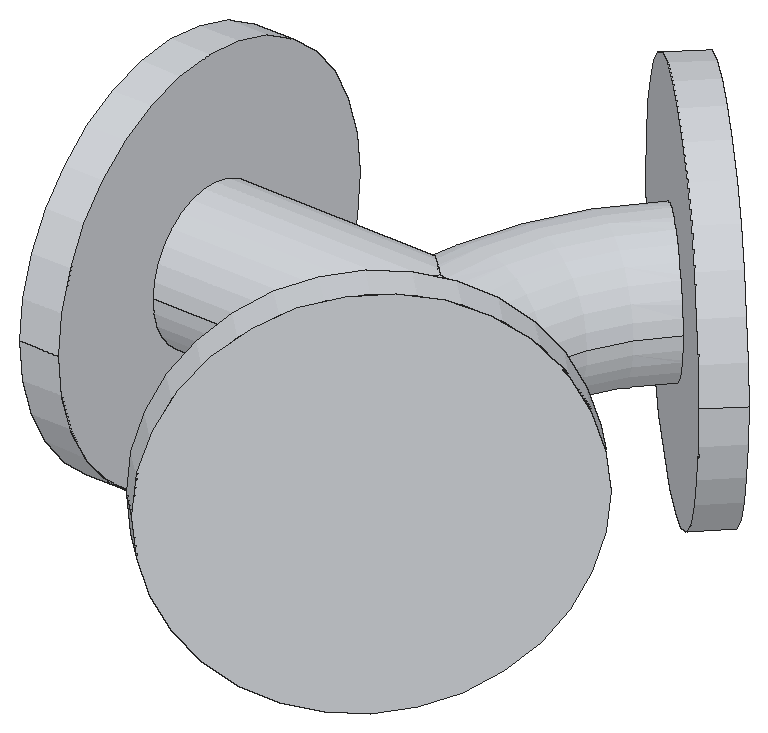
Revit family "c3946d42cb1f4d16954208bc3707fd2a", category Pipe Fittings, Revit 2021
Family settings
  Round Connector Dimension = Use Radius
  Part Type = Wye
  OmniClass Number = 23.60.30.11.14
  OmniClass Title = Pipework Fittings
  Seek Item ID = Wye True - Flanged - GI - Class 125-0000-USA-ENU
  Work Plane-Based = No
  Always vertical = Yes
  Cut with Voids When Loaded = No
  Shared = No
Parameters (values of type "Standard")
  Wall Thickness [instance] = size_lookup(Lookup Table Name, "WThk", 0.04 * Nominal Diameter + 5/16", Nominal Diameter)  # 0.31102"
  Tick Size [instance] = Flange Diameter * 0.4  # 1.70079"
  Short Center to Face [instance] = size_lookup(Lookup Table Name, "SCtF", 0.296 * Nominal Diameter + 1 215/256", Nominal Diameter)  # 1.77165"
  Radius 1 [instance] = if(Flange Diameter / 2 > Length 3 * tan(Angle 1), Flange Diameter / 2 + 31/256", Length 3 * tan(Angle 1))  # 3.06693"
  Radius 2 [instance] = if(Flange Diameter / 2 > sin(Angle 2) * Length 6 / (1 - sin(Angle 2)), Flange Diameter / 2 + 31/256", sin(Angle 2) * Length 6 / (1 - sin(Angle 2)))  # 3.06693"
  Loss Method = Not Defined
  Lookup Table Name = "Wye True - Flanged - GI - Class 125"
  Length 9 [instance] = Radius 1 * sin(Angle 3) + Flange Thickness * cos(Angle 3)  # 2.47766"
  Length 8 [instance] = Length 4 - Radius 1 * cos(Angle 3) + Flange Thickness * sin(Angle 3)  # 2.47766"
  Length 7 [instance] = Length 3 + Flange Thickness  # 3.50394"
  Length 6 [instance] = Length 4 - Radius 1  # 1.27036"
  Length 4 [instance] = Radius 1 / sin(Angle 1)  # 4.33729"
  Length 5 [instance] = Radius 2 + Length 6  # 4.33729"
  Length 3 [instance] = if(Length 1 < Length 2, Center to Face - Flange Thickness, Length 1 / sin(Angle 5))  # 3.06693"
  Length 2 [instance] = (Center to Face - Flange Thickness) * sin(Angle 5)  # 2.16865"
  Length 11 [instance] = Radius 2 * sin(Angle 4) + Flange Thickness * cos(Angle 4)  # 2.47766"
  Length 10 [instance] = Length 5 - Radius 2 * cos(Angle 4) + Flange Thickness * sin(Angle 4)  # 2.47766"
  Length 1 [instance] = Flange Radius * cos(Angle 5)  # 1.5033"
  Fitting Outside Radius [instance] = Fitting Outside Diameter / 2  # 0.80315"
  Fitting Outside Diameter [instance] = Fitting Inside Diameter + Wall Thickness * 2  # 1.6063"
  Default Elevation = 0' - 0"
  Center to Face [instance] = size_lookup(Lookup Table Name, "CtF", 0.68 * Nominal Diameter + 3 49/64", Nominal Diameter)  # 3.50394"
  Nominal Radius [instance] = 1/2"
  Nominal Diameter [instance] = Nominal Radius * 2  # 1"
  Flange Thickness [instance] = size_lookup(Lookup Table Name, "FThk", 0.05 * Nominal Diameter + 161/256", Nominal Diameter)  # 0.43701"
  Flange Radius [instance] = Flange Diameter / 2  # 2.12598"
  Flange Diameter [instance] = size_lookup(Lookup Table Name, "FDia", 1.19 * Nominal Diameter + 3 31/32", Nominal Diameter)  # 4.25197"
  Fitting Inside Diameter [instance] = size_lookup(Lookup Table Name, "FID", 1.02 * Nominal Diameter - 11/256", Nominal Diameter)  # 0.98425"
  Angle 5 [instance] = if(Angle 1 < Angle 2, Angle 1, Angle 2)  # 45.00°
  Angle 3 [instance] = 90.00° - Angle 1  # 45.00°
  Angle 4 [instance] = 90.00° - Angle 2  # 45.00°
  Angle 1 [instance] = 45.00°
  Angle 2 [instance] = 45.00°
Reference planes (in)
  plane 1 "Center (Front/Back)": y = 0
  plane 2: z = 0
  plane 3 "Center (Left/Right)": x = 0
  plane 4: x = -1.77165
  plane 5: x = -1.33465
  plane 6: x = 4.33729
  plane 7: x = 1.27036
  plane 8: x = 4.33729
  plane 9: x = 1.27036
  plane 10: y = 1.70079
  plane 11: y = -1.70079
  plane 12: y = -2.47766
  plane 13: x = 2.47766
  plane 14: y = 2.47766
  plane 15: x = 2.47766
Forms (in)
  Sweep 1, solid, detail levels fine
    path in 3D
      loop
        line (-1.33465, 0, 0) -> (1.27036, 0, 0)
    profile origin (-0.03214, 0, 0) x (0, 1, 0) y (0, 0, 1)
      loop
        circle (0, 0) r 0.80315
  Sweep 2, solid, detail levels fine
    path in 3D
      loop
        line (-1.77165, 0, 0) -> (-1.33465, 0, 0)
    profile origin (-1.55315, 0, 0) x (0, 1, 0) y (0, 0, 1)
      loop
        circle (0, 0) r 2.12598
  Sweep 3, solid, detail levels fine
    path in 3D
      loop
        arc (1.27036, 0, 0) -> (1.50382, 1.17366, 0) -> (2.16865, 2.16865, 0) r 3.06693
    profile origin (1.50382, 1.17366, 0) x (-0.92388, 0.382683, 0) y (0, 0, 1)
      loop
        circle (0, 0) r 0.80315
  Sweep 4, solid, detail levels fine
    path in 3D
      loop
        arc (1.27036, 0, 0) -> (1.50382, -1.17366, 0) -> (2.16865, -2.16865, 0) r 3.06693
    profile origin (1.50382, -1.17366, 0) x (0.92388, 0.382683, 0) y (0, 0, 1)
      loop
        circle (0, 0) r 0.80315
  Sweep 5, solid, detail levels fine
    path in 3D
      loop
        line (2.47766, 2.47766, 0) -> (2.16865, 2.16865, 0)
    profile origin (2.32315, 2.32315, 0) x (0.707107, -0.707107, 0) y (0, 0, 1)
      loop
        circle (0, 0) r 2.12598
  Sweep 6, solid, detail levels fine
    path in 3D
      loop
        line (2.47766, -2.47766, 0) -> (2.16865, -2.16865, 0)
    profile origin (2.32315, -2.32315, 0) x (-0.707107, -0.707107, 0) y (0, 0, 1)
      loop
        circle (0, 0) r 2.12598
Cuts and joins
  joined: Sweep 1, Sweep 2, Sweep 3, Sweep 4, Sweep 5, Sweep 6
Lines and regions (in)
  model lines, detail levels coarse+medium
    curve 1: line (-1.77165, 0, 0) -> (-1.33465, 0, 0)
    curve 2: line (-1.33465, 0, 0) -> (0, 0, 0)
    curve 3: arc (1.27036, 0, 0) -> (1.50382, 1.17366, 0) -> (2.16865, 2.16865, 0) r 3.06693
    curve 4: arc (1.27036, 0, 0) -> (1.50382, -1.17366, 0) -> (2.16865, -2.16865, 0) r 3.06693
    curve 5: line (-1.33465, 0, 0) -> (1.27036, 0, 0)
    curve 6: line (-1.33465, 0, 0) -> (1.27036, 0, 0)
    curve 11: line (-1.77165, 1.70079, 0) -> (-1.77165, -1.70079, 0)
    curve 15: line (2.47766, 2.47766, 0) -> (3.6803, 1.27502, 0)
    curve 16: line (2.47766, 2.47766, 0) -> (1.27502, 3.6803, 0)
    curve 17: line (2.47766, 2.47766, 0) -> (2.16865, 2.16865, 0)
    curve 19: line (2.47766, -2.47766, 0) -> (1.27502, -3.6803, 0)
    curve 20: line (2.47766, -2.47766, 0) -> (3.6803, -1.27502, 0)
    curve 21: line (2.47766, -2.47766, 0) -> (2.16865, -2.16865, 0)
  sketch lines
    curve 7: line (-1.33465, 0, 0) -> (1.27036, 0, 0)
    curve 8: line (-1.77165, 0, 0) -> (-1.33465, 0, 0)
    curve 9: arc (1.27036, 0, 0) -> (1.50382, 1.17366, 0) -> (2.16865, 2.16865, 0) r 3.06693
    curve 10: arc (1.27036, 0, 0) -> (1.50382, -1.17366, 0) -> (2.16865, -2.16865, 0) r 3.06693
    curve 18: line (2.47766, 2.47766, 0) -> (2.16865, 2.16865, 0)
    curve 22: line (2.47766, -2.47766, 0) -> (2.16865, -2.16865, 0)
  reference lines
    curve 12: line (-1.77165, 0, 0) -> (-1.33465, 0, 0)
    curve 13: line (2.47766, -2.47766, 0) -> (2.16865, -2.16865, 0)
    curve 14: line (2.47766, 2.47766, 0) -> (2.16865, 2.16865, 0)
Dimensions and locks (in)
  "Flange Thickness": plane 4 to plane 5
  "Short Center to Face": plane 4 to plane 3 "Center (Left/Right)"
  "Length 5": plane 3 "Center (Left/Right)" to plane 6
  "Radius 2": plane 7 to plane 6
  "Length 4": plane 3 "Center (Left/Right)" to plane 8
  "Radius 1": plane 9 to plane 8
  "Tick Size": plane 10 to plane 1 "Center (Front/Back)"
  "Tick Size": plane 11 to plane 1 "Center (Front/Back)"
  "Length 8": plane 3 "Center (Left/Right)" to plane 13
  "Length 9": plane 1 "Center (Front/Back)" to plane 12
  "Length 11": plane 14 to plane 1 "Center (Front/Back)"
  "Length 10": plane 3 "Center (Left/Right)" to plane 15
  "Tick Size": curve 15 to curve 15
  "Tick Size": curve 16 to curve 16
  "Flange Thickness": curve 17 to curve 17
  "Tick Size": curve 19 to curve 19
  "Tick Size": curve 20 to curve 20
  "Flange Thickness": curve 21 to curve 21
  "Radius 2": radius of curve 3
  "Radius 1": radius of curve 4
  "Fitting Outside Radius": radius of Sweep 1 sketch curve
  "Flange Radius": radius of Sweep 2 sketch curve
  "Fitting Outside Radius": radius of Sweep 3 sketch curve
  "Fitting Outside Radius": radius of Sweep 4 sketch curve
  "Flange Radius": radius of Sweep 5 sketch curve
  "Flange Radius": radius of Sweep 6 sketch curve
  "Angle 4": angle curve 3 to curve 3
  "Angle 3": angle curve 4 to curve 4
  "Angle 3": angle plane 13 to curve 13
  "Angle 4": angle curve 14 to plane 15
  "Angle 4": angle curve 15 to plane 14
  "Angle 4": angle curve 16 to plane 14
  "Angle 4": angle curve 17 to plane 15
  "Angle 3": angle plane 12 to curve 19
  "Angle 3": angle plane 12 to curve 20
  "Angle 3": angle plane 13 to curve 21
  aligned and locked: plane 4 to curve 1
  aligned and locked: plane 1 "Center (Front/Back)" to curve 1
  aligned and locked: plane 1 "Center (Front/Back)" to curve 3
  aligned and locked: plane 1 "Center (Front/Back)" to curve 4
  aligned and locked: plane 5 to curve 5
  aligned and locked: plane 1 "Center (Front/Back)" to curve 5
  aligned and locked: plane 10 to curve 11
  aligned and locked: plane 11 to curve 11
  aligned and locked: curve 11 to plane 4
  aligned and locked: plane 4 to curve 12
  aligned and locked: plane 1 "Center (Front/Back)" to curve 12
  aligned and locked: plane 12 to curve 13
  aligned and locked: plane 13 to curve 13
  aligned and locked: plane 14 to curve 14
  aligned and locked: plane 15 to curve 14
  aligned and locked: plane 15 to curve 17
  aligned and locked: plane 13 to curve 19
Automatic sketch dimensions
  Sweep 1 sketch curve to profile plane = 0' - 0"  (x2)
  Sweep 2 sketch curve to profile plane = 0' - 0"  (x2)
  Sweep 3 sketch curve to profile plane = 0' - 0"  (x2)
  Sweep 4 sketch curve to profile plane = 0' - 0"  (x2)
  Sweep 5 sketch curve to profile plane = 0' - 0"  (x2)
  Sweep 6 sketch curve to profile plane = 0' - 0"  (x2)
  curve 2 to plane 3 "Center (Left/Right)" = 0' - 0"
  curve 12 to plane 5 = 0' - 0"
Connectors (in)
  piping at (-1.77165, 0, 0), diameter 1, driven by "Nominal Radius"
    settings: on cut or joined group of Sweep 1, Sweep 2, Sweep 3, Sweep 4, Sweep 5, Sweep 6, index 1, connector inside diameter 1", connector length 0' - 0", flow factor 0, pipe flow 0 GPM, pressure drop 0.00 psi, fitting loss kfactor 0, connector angle 0.00°, fixture units 0, engagement length 0' - 0", angle of deflection 0.00°, flow configuration 0, flow direction 0, fitting loss method 0, system type 28, joint type 0, gender type 0, connector reference index -1, connector utility 0, adjustable connector no, is connector primary yes, connector description ""
  piping at (2.47766, -2.47766, 0), diameter 1, driven by "Angle 1", driven by "Nominal Radius"
    settings: on cut or joined group of Sweep 1, Sweep 2, Sweep 3, Sweep 4, Sweep 5, Sweep 6, index 2, connector inside diameter 1", connector length 0' - 0", flow factor 0, pipe flow 0 GPM, pressure drop 0.00 psi, fitting loss kfactor 0, connector angle 45.00°, fixture units 0, engagement length 0' - 0", angle of deflection 0.00°, flow configuration 0, flow direction 0, fitting loss method 0, system type 28, joint type 0, gender type 0, connector reference index -1, connector utility 0, adjustable connector no, is connector primary no, connector description ""
  piping at (2.47766, 2.47766, 0), diameter 1, driven by "Angle 2", driven by "Nominal Radius"
    settings: on cut or joined group of Sweep 1, Sweep 2, Sweep 3, Sweep 4, Sweep 5, Sweep 6, index 3, connector inside diameter 1", connector length 0' - 0", flow factor 0, pipe flow 0 GPM, pressure drop 0.00 psi, fitting loss kfactor 0, connector angle 45.00°, fixture units 0, engagement length 0' - 0", angle of deflection 0.00°, flow configuration 0, flow direction 0, fitting loss method 0, system type 28, joint type 0, gender type 0, connector reference index -1, connector utility 0, adjustable connector no, is connector primary no, connector description ""
